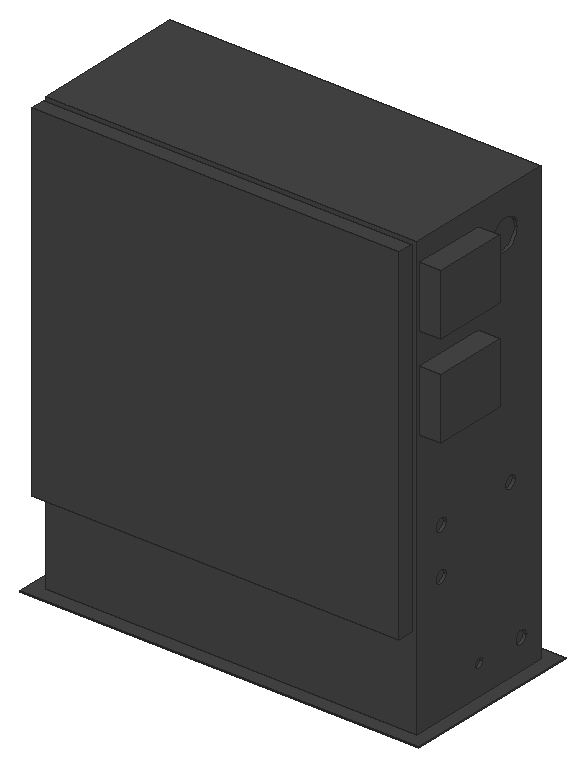
Revit family "SP4180W_EUR_Revit", category Mechanical Equipment, Revit 2014
Parameters (values of type "Standard")
  d136 = 0' - 0"
  d134 = 0' - 0"
  d132 = 0' - 0"
  d130 = 2' - 1.752"
  d128 = 2' - 4.472"
  d126 = 1' - 10.407"
  d124 = 0' - 0.2685"
  d118 = 0' - 1.406"
  d116 = 0' - 1.406"
  d114 = 0' - 0 1/4"
  d112 = 0' - 0 1/4"
  d110 = 0' - 0 1/4"
  d108 = 0' - 0 1/4"
  d106 = 0' - 0 1/4"
  d104 = 0' - 0 1/4"
  URL = "www.neptronic.com"
  Part Number = "SP4180W_Shrinkwrap_test"
  Model = "SKE05-W"
  Manufacturer = "Neptronic"
  Extrusion_End_2 = -d134  # 0' - 0"
  Extrusion_End_1 = -d132  # 0' - 0"
  Designer = "Antoine"
  Design Status = 1
  Description = "Electric Resistive humidifier Weather proof"
  Date Created = "2014-05-02 07:58:44"
  Connector_9_Diameter = 0' - 0"
  Connector_8_Diameter = 0' - 0"
  Connector_7_Diameter = 0' - 0"
  Connector_6_Diameter = 0' - 0"
  Connector_5_Diameter = 0' - 0"
  Connector_4_Diameter = 0' - 0"
  Connector_3_Diameter = 0' - 0"
  Connector_11_Diameter = 0' - 0"
  Connector_10_Diameter = 0' - 0"
  Author = "Antoine"
Reference planes (in)
  plane 1 "Center (Front/Back)": y = 0
  plane 2: z = 0
  plane 3 "Center (Left/Right)": x = 0
  plane 4: x = 12.876
  plane 5: x = -12.876
  plane 6: z = -62.917
  plane 7: z = -34.445
  plane 8: z = -34.5075
  plane 9: z = -56.9145
  plane 10: y = -5.58567
  plane 11: y = -5.85417
  plane 12: x = 11.981
  plane 13: x = 13.387
  plane 14: x = 11.981
  plane 15: x = 13.387
  plane 16: x = 11.981
  plane 17: x = 11.731
  plane 18: x = 11.981
  plane 19: x = 11.731
  plane 20: x = 11.981
  plane 21: x = 11.731
  plane 22: x = 11.981
  plane 23: x = 11.731
  plane 24: x = 11.981
  plane 25: x = 11.731
  plane 26: x = 11.981
  plane 27: x = 11.731
Forms (in)
  Extrusion 1, solid
    sketch origin (12.876, 0, 0) x (0, -1, 0) y (0, 0, -1)
      loop
        line (6.52467, 62.917) -> (6.52467, 62.978) -> (-5.29033, 62.978) -> (-5.29033, 62.917) -> (6.52467, 62.917)
    from 0 to -25.752
  Extrusion 2, solid
    sketch origin (0, 0, -62.917) x (-1, 0, 0) y (0, -1, 0)
      loop
        line (11.981, -4.44883) -> (11.981, 5.58567) -> (-11.981, 5.58567) -> (-11.981, -4.44883) -> (11.981, -4.44883)
    from 0 to 28.472
  Extrusion 3, solid
    sketch origin (0, 0, -34.5075) x (-1, 0, 0) y (0, -1, 0)
      loop
        line (11.846, 6.85417) -> (-11.846, 6.85417) -> (-11.846, 5.85417) -> (11.846, 5.85417) -> (11.846, 6.85417)
    from 0 to -22.407
  Extrusion 4, solid
    sketch origin (0, -5.58567, 0) x (-1, 0, 0) y (0, 0, -1)
      loop
        line (11.124, 35.258) -> (11.124, 56.165) -> (-11.124, 56.165) -> (-11.124, 35.258) -> (11.124, 35.258)
    from 0 to 0.2685
  Extrusion 5, solid
    sketch origin (11.981, 0, 0) x (0, -1, 0) y (0, 0, -1)
      loop
        line (5.39467, 39.641) -> (0.66967, 39.641) -> (0.66967, 35.691) -> (5.39467, 35.691) -> (5.39467, 39.641)
    from 0 to 1.406
  Extrusion 6, solid
    sketch origin (11.981, 0, 0) x (0, -1, 0) y (0, 0, -1)
      loop
        line (5.39467, 45.641) -> (0.66967, 45.641) -> (0.66967, 41.691) -> (5.39467, 41.691) -> (5.39467, 45.641)
    from 0 to 1.406
  Extrusion 7, void
    sketch origin (11.981, 0, 0) x (0, -1, 0) y (0, 0, -1)
      loop
        circle (-1.53183, 37.138) r 1
    from 0 to -0.25
  Extrusion 8, void
    sketch origin (11.981, 0, 0) x (0, -1, 0) y (0, 0, -1)
      loop
        circle (3.62287, 54.64521) r 0.4375
    from 0 to -0.25
  Extrusion 9, void
    sketch origin (11.981, 0, 0) x (0, -1, 0) y (0, 0, -1)
      loop
        circle (-1.94883, 51.6235) r 0.421
    from 0 to -0.25
  Extrusion 10, void
    sketch origin (11.981, 0, 0) x (0, -1, 0) y (0, 0, -1)
      loop
        circle (0.57317, 60.978) r 0.3125
    from 0 to -0.25
  Extrusion 11, void
    sketch origin (11.981, 0, 0) x (0, -1, 0) y (0, 0, -1)
      loop
        circle (-2.80633, 60.978) r 0.4375
    from 0 to -0.25
  Extrusion 12, void
    sketch origin (11.981, 0, 0) x (0, -1, 0) y (0, 0, -1)
      loop
        circle (3.62287, 51.64521) r 0.4375
    from 0 to -0.25
  Extrusion 13, void
    sketch origin (-11.981, 4.44883, -34.445) x (0, 0, -1) y (0, -1, 0)
      loop
        circle (2.693, 2.961) r 1
    from 0 to -0.25
  Extrusion 14, void
    sketch origin (12.876, -6.52467, -62.978) x (0, 1, 0) y (1, 0, 0)
      loop
        circle (7.035, -6.876) r 0.8065
      loop
        circle (9.309, -13.769) r 0.439
      loop
        circle (5.9075, -12.876) r 0.3125
      loop
        circle (2.9925, -4.31242) r 0.4375
      loop
        circle (2.9925, -7.31242) r 0.4375
    from 0 to -0.25
  Extrusion 15, solid
    sketch origin (12.876, -6.52467, -62.978) x (0, 1, 0) y (1, 0, 0)
      loop
        circle (7.7382, -3.4285) r 0.75
      loop
        circle (7.7382, -3.4285) r 0.5315
    from 0 to 0.25
Cuts and joins
  Extrusion 7, Extrusion 8, Extrusion 9, Extrusion 10, Extrusion 11, Extrusion 12, Extrusion 13, Extrusion 14 cuts Extrusion 1
  Extrusion 7, Extrusion 8, Extrusion 9, Extrusion 10, Extrusion 11, Extrusion 12, Extrusion 13, Extrusion 14 cuts Extrusion 2
  Extrusion 7, Extrusion 8, Extrusion 9, Extrusion 10, Extrusion 11, Extrusion 12, Extrusion 13, Extrusion 14 cuts Extrusion 3
  Extrusion 7, Extrusion 8, Extrusion 9, Extrusion 10, Extrusion 11, Extrusion 12, Extrusion 13, Extrusion 14 cuts Extrusion 4
  Extrusion 7, Extrusion 8, Extrusion 9, Extrusion 10, Extrusion 11, Extrusion 12, Extrusion 13, Extrusion 14 cuts Extrusion 5
  Extrusion 7, Extrusion 8, Extrusion 9, Extrusion 10, Extrusion 11, Extrusion 12, Extrusion 13, Extrusion 14 cuts Extrusion 6
  joined: Extrusion 1, Extrusion 2, Extrusion 3, Extrusion 4, Extrusion 5, Extrusion 6, Extrusion 15
Lines and regions (in)
  reference lines
    curve 1: line (12.876, -6.52467, -62.917) -> (12.876, -6.52467, -62.978)
    curve 2: line (12.876, -6.52467, -62.978) -> (12.876, 5.29033, -62.978)
    curve 3: line (12.876, 5.29033, -62.917) -> (12.876, 5.29033, -62.978)
    curve 4: line (12.876, -6.52467, -62.917) -> (12.876, 5.29033, -62.917)
    curve 5: line (-11.981, 4.44883, -62.917) -> (11.981, 4.44883, -62.917)
    curve 6: line (11.981, 4.44883, -62.917) -> (11.981, -5.58567, -62.917)
    curve 7: line (11.981, -5.58567, -62.917) -> (-11.981, -5.58567, -62.917)
    curve 8: line (-11.981, -5.58567, -62.917) -> (-11.981, 4.44883, -62.917)
    curve 9: line (-11.846, -6.85417, -34.5075) -> (11.846, -6.85417, -34.5075)
    curve 10: line (11.846, -6.85417, -34.5075) -> (11.846, -5.85417, -34.5075)
    curve 11: line (-11.846, -5.85417, -34.5075) -> (11.846, -5.85417, -34.5075)
    curve 12: line (-11.846, -6.85417, -34.5075) -> (-11.846, -5.85417, -34.5075)
    curve 13: line (-11.124, -5.58567, -35.258) -> (11.124, -5.58567, -35.258)
    curve 14: line (11.124, -5.58567, -35.258) -> (11.124, -5.58567, -56.165)
    curve 15: line (11.124, -5.58567, -56.165) -> (-11.124, -5.58567, -56.165)
    curve 16: line (-11.124, -5.58567, -56.165) -> (-11.124, -5.58567, -35.258)
    curve 17: line (11.981, -5.39467, -39.641) -> (11.981, -5.39467, -35.691)
    curve 18: line (11.981, -5.39467, -35.691) -> (11.981, -0.66967, -35.691)
    curve 19: line (11.981, -0.66967, -35.691) -> (11.981, -0.66967, -39.641)
    curve 20: line (11.981, -0.66967, -39.641) -> (11.981, -5.39467, -39.641)
    curve 21: line (11.981, -5.39467, -45.641) -> (11.981, -5.39467, -41.691)
    curve 22: line (11.981, -5.39467, -41.691) -> (11.981, -0.66967, -41.691)
    curve 23: line (11.981, -0.66967, -41.691) -> (11.981, -0.66967, -45.641)
    curve 24: line (11.981, -0.66967, -45.641) -> (11.981, -5.39467, -45.641)
    curve 25: circle (11.981, 1.53183, -37.138) r 1 normal (1, 0, 0)
    curve 26: circle (11.981, -3.62287, -54.64521) r 0.4375 normal (1, 0, 0)
    curve 27: circle (11.981, 1.94883, -51.6235) r 0.421 normal (1, 0, 0)
    curve 28: circle (11.981, -0.57317, -60.978) r 0.3125 normal (1, 0, 0)
    curve 29: circle (11.981, 2.80633, -60.978) r 0.4375 normal (1, 0, 0)
    curve 30: circle (11.981, -3.62287, -51.64521) r 0.4375 normal (1, 0, 0)
    curve 31: circle (-11.981, 1.48783, -37.138) r 1 normal (-1, 0, 0)
    curve 32: circle (6, 0.51033, -62.978) r 0.8065 normal (0, 0, -1)
    curve 33: circle (-0.893, 2.78433, -62.978) r 0.439 normal (0, 0, -1)
    curve 34: circle (0, -0.61717, -62.978) r 0.3125 normal (0, 0, -1)
    curve 35: circle (8.56358, -3.53217, -62.978) r 0.4375 normal (0, 0, -1)
    curve 36: circle (5.56358, -3.53217, -62.978) r 0.4375 normal (0, 0, -1)
    curve 37: circle (9.4475, 1.21353, -62.978) r 0.75 normal (0, 0, -1)
    curve 38: circle (9.4475, 1.21353, -62.978) r 0.5315 normal (0, 0, -1)
Dimensions and locks (in)
  "d130": plane 5 to plane 4
  "d128": plane 6 to plane 7
  "d126": plane 9 to plane 8
  "d124": plane 10 to plane 11
  "d118": plane 12 to plane 13
  "d116": plane 14 to plane 15
  "d114": plane 17 to plane 16
  "d112": plane 19 to plane 18
  "d110": plane 21 to plane 20
  "d108": plane 23 to plane 22
  "d106": plane 25 to plane 24
  "d104": plane 27 to plane 26
  aligned and locked: plane 2 to level
  aligned and locked: plane 5 to Extrusion 1
  aligned and locked: Extrusion 1 to plane 4
  aligned and locked: Extrusion 1 sketch curve to curve 1
  aligned and locked: Extrusion 1 sketch curve to curve 2
  aligned and locked: Extrusion 1 sketch curve to curve 3
  aligned and locked: Extrusion 1 sketch curve to curve 4
  aligned and locked: plane 7 to Extrusion 2
  aligned and locked: Extrusion 2 to plane 6
  aligned and locked: Extrusion 2 sketch curve to curve 5
  aligned and locked: Extrusion 2 sketch curve to curve 6
  aligned and locked: Extrusion 2 sketch curve to curve 7
  aligned and locked: Extrusion 2 sketch curve to curve 8
  aligned and locked: plane 9 to Extrusion 3
  aligned and locked: Extrusion 3 to plane 8
  aligned and locked: Extrusion 3 sketch curve to curve 9
  aligned and locked: Extrusion 3 sketch curve to curve 10
  aligned and locked: Extrusion 3 sketch curve to curve 11
  aligned and locked: Extrusion 3 sketch curve to curve 12
  aligned and locked: plane 11 to Extrusion 4
  aligned and locked: Extrusion 4 to plane 10
  aligned and locked: Extrusion 4 sketch curve to curve 13
  aligned and locked: Extrusion 4 sketch curve to curve 14
  aligned and locked: Extrusion 4 sketch curve to curve 15
  aligned and locked: Extrusion 4 sketch curve to curve 16
  aligned and locked: plane 13 to Extrusion 5
  aligned and locked: Extrusion 5 to plane 12
  aligned and locked: Extrusion 5 sketch curve to curve 17
  aligned and locked: Extrusion 5 sketch curve to curve 18
  aligned and locked: Extrusion 5 sketch curve to curve 19
  aligned and locked: Extrusion 5 sketch curve to curve 20
  aligned and locked: plane 15 to Extrusion 6
  aligned and locked: Extrusion 6 to plane 14
  aligned and locked: Extrusion 6 sketch curve to curve 21
  aligned and locked: Extrusion 6 sketch curve to curve 22
  aligned and locked: Extrusion 6 sketch curve to curve 23
  aligned and locked: Extrusion 6 sketch curve to curve 24
  aligned and locked: Extrusion 7 to plane 17
  aligned and locked: plane 16 to Extrusion 7
  aligned and locked: Extrusion 7 sketch curve to curve 25  (x2)
  aligned and locked: Extrusion 8 to plane 19
  aligned and locked: plane 18 to Extrusion 8
  aligned and locked: Extrusion 8 sketch curve to curve 26  (x2)
  aligned and locked: Extrusion 9 to plane 21
  aligned and locked: plane 20 to Extrusion 9
  aligned and locked: Extrusion 9 sketch curve to curve 27  (x2)
  aligned and locked: Extrusion 10 to plane 23
  aligned and locked: plane 22 to Extrusion 10
  aligned and locked: Extrusion 10 sketch curve to curve 28  (x2)
  aligned and locked: Extrusion 11 to plane 25
  aligned and locked: plane 24 to Extrusion 11
  aligned and locked: Extrusion 11 sketch curve to curve 29  (x2)
  aligned and locked: Extrusion 12 to plane 27
  aligned and locked: plane 26 to Extrusion 12
  aligned and locked: Extrusion 12 sketch curve to curve 30  (x2)
  aligned and locked: Extrusion 13 sketch curve to curve 31  (x2)
  aligned and locked: Extrusion 14 sketch curve to curve 32  (x2)
  aligned and locked: Extrusion 14 sketch curve to curve 33  (x2)
  aligned and locked: Extrusion 14 sketch curve to curve 34  (x2)
  aligned and locked: Extrusion 14 sketch curve to curve 35  (x2)
  aligned and locked: Extrusion 14 sketch curve to curve 36  (x2)
  aligned and locked: Extrusion 15 sketch curve to curve 37  (x2)
  aligned and locked: Extrusion 15 sketch curve to curve 38  (x2)
Connectors (in)
  electrical at (11.981, -3.62287, -51.64521)
    settings: on cut or joined group 1 (Extrusion 1, Extrusion 2, Extrusion 3, Extrusion 4, Extrusion 5, Extrusion 6, Extrusion 7, Extrusion 8, Extrusion 9, Extrusion 10, Extrusion 11, Extrusion 12, Extrusion 13, Extrusion 14, Extrusion 15), index 1, voltage 0 V, apparent load 0 VA, apparent load phase1 0 VA, apparent load phase2 0 VA, apparent load phase3 0 VA, power factor 0, load classification "Other", number of poles 1, system type 30, power factor state 1, is connector primary yes, connector utility no, sub classification motor no, connector description "Power Supply (KO)"
  electrical at (11.981, -3.62287, -54.64521)
    settings: on cut or joined group 1, index 2, voltage 0 V, apparent load 0 VA, apparent load phase1 0 VA, apparent load phase2 0 VA, apparent load phase3 0 VA, power factor 1, load classification "Other", number of poles 1, system type 13, power factor state 1, is connector primary no, connector utility no, sub classification motor no, connector description "Low Voltage Control (KO)"
  piping at (11.981, 2.80633, -60.978), driven by "Connector_3_Diameter"
    settings: on cut or joined group 1, index 3, connector diameter 0", connector inside diameter 24", connector length 0' - 0", flow factor 0, pipe flow 0 GPM, pressure drop 0.00 psi, fitting loss kfactor 0, connector angle 0.00°, fixture units 0, engagement length 0' - 0", angle of deflection 0.00°, flow configuration 1, flow direction 2, fitting loss method 0, system type 16, joint type 0, gender type 0, connector reference index -1, connector utility 0, adjustable connector no, is connector primary yes, connector description "Main Drain 3/4''"
  piping at (11.981, -0.57317, -60.978), driven by "Connector_4_Diameter"
    settings: on cut or joined group 1, index 4, connector diameter 0", connector inside diameter 24", connector length 0' - 0", flow factor 0, pipe flow 0 GPM, pressure drop 0.00 psi, fitting loss kfactor 0, connector angle 0.00°, fixture units 0, engagement length 0' - 0", angle of deflection 0.00°, flow configuration 1, flow direction 2, fitting loss method 0, system type 16, joint type 0, gender type 0, connector reference index -1, connector utility 0, adjustable connector no, is connector primary no, connector description "Pan drain 1/2''"
  piping at (11.981, 1.94883, -51.6235), driven by "Connector_5_Diameter"
    settings: on cut or joined group 1, index 5, connector diameter 0", connector inside diameter 24", connector length 0' - 0", flow factor 0, pipe flow 0 GPM, pressure drop 0.00 psi, fitting loss kfactor 0, connector angle 0.00°, fixture units 0, engagement length 0' - 0", angle of deflection 0.00°, flow configuration 1, flow direction 1, fitting loss method 0, system type 20, joint type 0, gender type 0, connector reference index -1, connector utility 0, adjustable connector no, is connector primary no, connector description "Supply Water 1/2'' NPT"
  hvac at (11.981, 1.53183, -37.138), driven by "Connector_6_Diameter"
    settings: on cut or joined group 1, index 6, duct flow 0 CFM, flow factor 0, pres drop 0.00 in-wg, loss coef 0, conn angle 0.00°, conn width 12", conn height 12", conn diameter 0", duct sys type 1, conn prof type 0, flow config 1, flow direction 2, loss method 0, conn ref index -1, conn util no, is conn primary yes, conn desc "(OPTION) Steam Outlet 1 3/8''"
  hvac at (-11.981, 1.48783, -37.138), driven by "Connector_7_Diameter"
    settings: on cut or joined group 1, index 7, duct flow 0 CFM, flow factor 0, pres drop 0.00 in-wg, loss coef 0, conn angle 0.00°, conn width 12", conn height 12", conn diameter 0", duct sys type 1, conn prof type 0, flow config 1, flow direction 2, loss method 0, conn ref index -1, conn util no, is conn primary no, conn desc "(STD) Steam outlet 1 3/8''"
  hvac at (6, 0.51033, -62.978), driven by "Connector_8_Diameter"
    settings: on cut or joined group 1, index 8, duct flow 0 CFM, flow factor 0, pres drop 0.00 in-wg, loss coef 0, conn angle 0.00°, conn width 12", conn height 12", conn diameter 0", duct sys type 1, conn prof type 0, flow config 1, flow direction 2, loss method 0, conn ref index -1, conn util no, is conn primary no, conn desc "(OPTION: roof curb) Steam Outlet 1 3/8''"
  piping at (0, -0.61717, -62.978), driven by "Connector_9_Diameter"
    settings: on cut or joined group 1, index 9, connector diameter 0", connector inside diameter 24", connector length 0' - 0", flow factor 0, pipe flow 0 GPM, pressure drop 0.00 psi, fitting loss kfactor 0, connector angle 0.00°, fixture units 0, engagement length 0' - 0", angle of deflection 0.00°, flow configuration 1, flow direction 2, fitting loss method 0, system type 16, joint type 0, gender type 0, connector reference index -1, connector utility 0, adjustable connector no, is connector primary no, connector description "(OPTION : Roof curb) Pan drain 1/2''"
  piping at (-0.893, 2.78433, -62.978), driven by "Connector_10_Diameter"
    settings: on cut or joined group 1, index 10, connector diameter 0", connector inside diameter 24", connector length 0' - 0", flow factor 0, pipe flow 0 GPM, pressure drop 0.00 psi, fitting loss kfactor 0, connector angle 0.00°, fixture units 0, engagement length 0' - 0", angle of deflection 0.00°, flow configuration 1, flow direction 2, fitting loss method 0, system type 16, joint type 0, gender type 0, connector reference index -1, connector utility 0, adjustable connector no, is connector primary no, connector description "(OPTION: Roof curb) Main drain 3/4''"
  piping at (9.4475, 1.21353, -63.228), driven by "Connector_11_Diameter"
    settings: on cut or joined group 1, index 11, connector diameter 0", connector inside diameter 24", connector length 0' - 0", flow factor 0, pipe flow 0 GPM, pressure drop 0.00 psi, fitting loss kfactor 0, connector angle 0.00°, fixture units 0, engagement length 0' - 0", angle of deflection 0.00°, flow configuration 1, flow direction 1, fitting loss method 0, system type 20, joint type 0, gender type 0, connector reference index -1, connector utility 0, adjustable connector no, is connector primary no, connector description "(OPTION: Roof curb) Water Inlet 1/2'' NPT"
  electrical at (8.56358, -3.53217, -62.978)
    settings: on cut or joined group 1, index 12, voltage 0 V, apparent load 0 VA, apparent load phase1 0 VA, apparent load phase2 0 VA, apparent load phase3 0 VA, power factor 0, load classification "Other", number of poles 1, system type 30, power factor state 1, is connector primary no, connector utility no, sub classification motor no, connector description "(OPTION: Roof Curb) Power supply (KO hole)"
  electrical at (5.56358, -3.53217, -62.978)
    settings: on cut or joined group 1, index 13, voltage 0 V, apparent load 0 VA, apparent load phase1 0 VA, apparent load phase2 0 VA, apparent load phase3 0 VA, power factor 1, load classification "Other", number of poles 1, system type 13, power factor state 1, is connector primary no, connector utility no, sub classification motor no, connector description "(OPTION: Roof Curb) Electrical Control (KO hole)"
